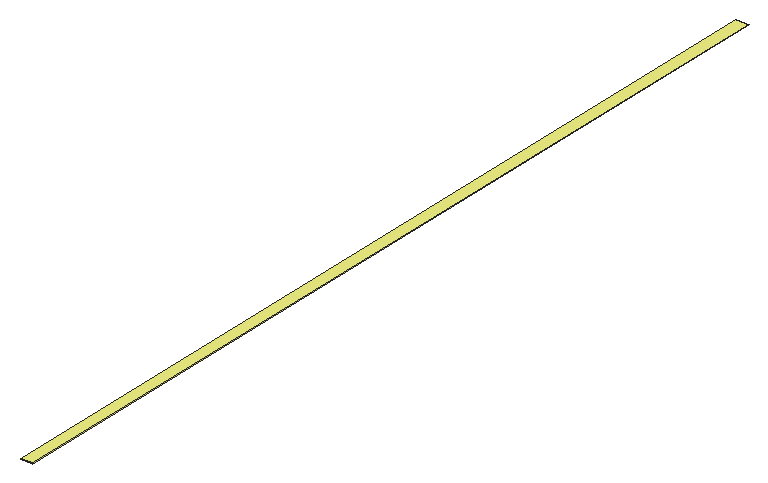
Revit family "e4fcf3e408404d8bac1af95cea67fbd7", category Site, Revit 2021
Family settings
  Round Connector Dimension = Use Diameter
  Part Type = Normal
  Seek Item ID = Pavement Stripe-0000-USA-ENU
  Work Plane-Based = No
  Always vertical = No
  Cut with Voids When Loaded = No
  Shared = No
Parameters (values of type "18'")
  Stripe Length [instance] = 18' - 0"
Reference planes (in)
  plane 1: z = 0
  plane 2 "Center (Left/Right)": x = 49.80166
  plane 3 "Center (Front/Back)": y = 33.82777
Forms (in)
  Extrusion 1, solid, material "Parking Stripe"
    sketch origin (0, 0, 0) x (1, 0, 0) y (0, 1, 0)
      loop
        line (48.30166, 33.82777) -> (48.30166, -182.17223) -> (51.30166, -182.17223) -> (51.30166, 33.82777) -> (48.30166, 33.82777)
    from 0 to 0.0625
Lines and regions (in)
  symbolic lines, style "Pavement Stripe Layout", detail levels coarse+medium
    curve 1: line (49.80166, -182.17223, 0) -> (49.80166, 33.82777, 0)
Dimensions and locks (in)
  "Stripe Length": Extrusion 1 sketch curve to plane 3 "Center (Front/Back)"
Automatic sketch dimensions
  Extrusion 1 sketch curve to plane 3 "Center (Front/Back)" = 0' - 0"
  Extrusion 1 sketch curve to plane 2 "Center (Left/Right)" = 0' - 1 1/2"
  plane 2 "Center (Left/Right)" to Extrusion 1 sketch curve = 0' - 1 1/2"
  curve 1 to plane 2 "Center (Left/Right)" = 0' - 0"
  curve 1 to plane 3 "Center (Front/Back)" = 0' - 0"
  plane 3 "Center (Front/Back)" to curve 1 = 18' - 0"
